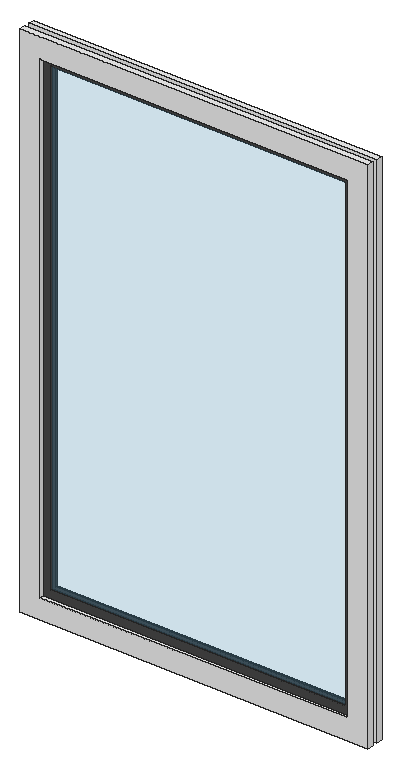
Revit family "Window_System_Solutions-NanaWall-SL-48_Fixed_Window", category Windows, host Wall, Revit 2013
Parameters (values of type "Fixed Window")
  Width = 36"
  Warranty URL = "http://www.nanawall.com/support/warranty"
  URL = "http://www.nanawall.com"
  Subcategory = "Window"  # constant formula
  Sash = Metal - NanaWall - Aluminum
  Rough Width = Width - 1 25/64"  # 34 39/64"
  Rough Height = Height - 1 25/64"  # 52 39/64"
  Product Page URL = "http://www.nanawall.com/products/sl45/matching-windows"
  Product Documentation Link = "http://www.nanawall.com/cad/configuration/details?id=20&name=SL48&typ=match&cid=453&key=Fixed%20Window"
  NanaWall Configurator = "http://www.nanawall.com/content/select-wizard"
  Model = "SL-48 Fixed Window"  # constant formula
  Material = ""
  Manufacturer Toll Free Phone = "(888) 411-NANA(6262)"  # constant formula
  Manufacturer Phone = "(415) 383-3148"  # constant formula
  Manufacturer Fax = "(415) 383-0312"  # constant formula
  Manufacturer Email = "mailto:info@nanawall.com"
  Manufacturer Address = "100 Meadowcreek Drive #250, Corte Madera, CA 94925"  # constant formula
  Manufacturer = "NanaWall Systems, Inc."  # constant formula
  Installation and Service URL = "http://www.nanawall.com/support/installer"
  Horizontal = no
  Height = 54"
  Glazing Options = "http://www.nanawall.com/products/sl48/glazing"
  Glass Material = Glass - NanaWall - Generic
  Filler = Rubber - NanaWall - Black
  Exterior Wall Offset = 2.37804"
  Disclaimer = "Please note that the Revit model is for schematic purposes only.  To obtain a detailed 3D model, please go to the NanaWall's configurator at www.nanawall.com."  # constant formula
  Description = "Monumental Aluminum Framed Matching Windows and Doors"  # constant formula
  Wall Closure = By host
  Default Sill Height = 30"
  Assembly Code = ""
  95 CSI = "8411"  # constant formula
  04 CSI = "08 52 00"  # constant formula
Reference planes (in)
  plane 1 "Center (Front/Back)": y = 0
  plane 2: z = 0
  plane 3 "Center (Left/Right)": x = 0
  plane 4 "Left": x = -18
  plane 5 "Right": x = 18
  plane 6 "Sill": z = 30
  plane 7 "Top": z = 84
  plane 8: y = 1.74696
  plane 9: y = 2.62196
  plane 10: x = -16.38889
  plane 11: x = 16.38889
Forms (in)
  Sweep 1, solid, material "Metal - NanaWall - Aluminum" <- "Sash"
    path origin (18, 2.62196, 48) x (1, 0, 0) y (0, 0, 1)
      loop
        line (-36, 36) -> (-36, -18) -> (0, -18) -> (0, 36) -> (-36, 36)
    profile "Frame : Frame" origin (0, 2.62196, 84) x (0, 0, 1) y (0, -1, 0)
      loop
        line (0, -0.875) -> (0, -0.25278) -> (-0.37722, -0.25278) -> (-0.37722, 0.25278) -> (0, 0.25278) -> (0, 0.875) -> (-2.06111, 0.875) -> (-2.06111, 0.48611) -> (-1.36111, 0.48611) -> (-1.36111, -0.68056) -> (-2.06111, -0.68056) -> (-2.06111, -0.875) -> (0, -0.875)
  Extrusion 2, void
    sketch origin (0, 0, 0) x (1, 0, 0) y (0, 0, 1)
      loop
        line (-18, 84) -> (-18, 30) -> (18, 30) -> (18, 84) -> (-18, 84)
    from -5 to 5
  Sweep 3, solid, material "Rubber - NanaWall - Black" <- "Filler"
    path origin (18, 2.62196, 48) x (1, 0, 0) y (0, 0, 1)
      loop
        line (-36, 36) -> (-36, -18) -> (0, -18) -> (0, 36) -> (-36, 36)
    profile origin (0, 2.62196, 84) x (0, 0, 1) y (0, -1, 0)
      loop
        line (-1.36111, -0.50347) -> (-1.36111, 0.30903) -> (-2.73611, 0.30903) -> (-2.73611, 0.15278) -> (-1.61111, 0.15278) -> (-1.61111, -0.34722) -> (-2.73611, -0.34722) -> (-2.73611, -0.50347) -> (-1.36111, -0.50347)
  Extrusion 4, solid, material "Glass - NanaWall - Generic" <- "Glass Material"
    sketch origin (-18, 0, 0) x (0, -1, 0) y (0, 0, 1)
      loop
        line (-2.96919, 82.38889) -> (-2.96919, 31.61111) -> (-2.46919, 31.61111) -> (-2.46919, 82.38889) -> (-2.96919, 82.38889)
    from -34.38889 to -1.61111
Lines and regions (in)
  Masking region 1
    outline origin (0, 0, 0) x (1, 0, 0) y (0, 1, 0)
      loop
        line (-18, 1.74696) -> (18, 1.74696) -> (18, 2.36919) -> (17.62278, 2.36919) -> (17.62278, 2.87474) -> (18, 2.87474) -> (18, 3.49696) -> (-18, 3.49696) -> (-18, 2.87474) -> (-17.62278, 2.87474) -> (-17.62278, 2.36919) -> (-18, 2.36919) -> (-18, 1.74696)
  Masking region 2
    outline origin (0, 0, 0) x (1, 0, 0) y (0, 1, 0)
      loop
        line (-16.63889, 3.12544) -> (-16.63889, 2.30704) -> (16.63889, 2.30704) -> (16.63889, 3.12544) -> (-16.63889, 3.12544)
  Masking region 3, detail levels medium+fine
    outline origin (0, 0, 0) x (1, 0, 0) y (0, 1, 0)
      loop
        line (-16.38889, 2.96919) -> (-16.38889, 2.46919) -> (16.38889, 2.46919) -> (16.38889, 2.96919) -> (-16.38889, 2.96919)
  symbolic lines, detail levels coarse+medium
    curve 1: line (-16.63889, 1.74696, 0) -> (-16.63889, 3.49696, 0)
    curve 2: line (16.63889, 1.74696, 0) -> (16.63889, 3.49696, 0)
Text (in)
  text "EXTERIOR" at (-58.6888, 50.90694, 0), in view "Ref. Level"
  text "INTERIOR" at (-58.6888, -37.76638, 0), in view "Ref. Level"
  text "Exterior" at (0, 43.65631, 123.19604), in view "Left"
  text "Exterior" at (0, 18.29385, 125.04747), in view "Right"
Dimensions and locks (in)
  equal spacing: plane 4 "Left", plane 3 "Center (Left/Right)", plane 5 "Right"
  "Width": plane 4 "Left" to plane 5 "Right"
  "Height": plane 6 "Sill" to plane 7 "Top"
  "Default Sill Height": plane 2 to plane 6 "Sill"
  locked: plane 8 to plane 9 at 0.875
  Extrusion 4 sketch curve to plane 9 to Extrusion 4 sketch curve = 0.34722" locked, 0.15278" locked
  Masking region 1 sketch curve to Masking region 1 sketch curve to plane 9 to Masking region 1 sketch curve to Masking region 1 sketch curve = 0.62222", 0.25278" locked, 0.25278" locked, 0.62222" locked
  Masking region 1 sketch curve to plane 9 to Masking region 1 sketch curve = 0.25278" locked, 0.25278" locked
  "Exterior Wall Offset": plane 9 to host wall
  locked: Masking region 1 sketch curve to plane 5 "Right" at 0.37722
  locked: plane 4 "Left" to Masking region 1 sketch curve at 0.37722
  Sweep 3 sketch curve to Sweep 3 sketch curve to Sweep 3 sketch curve to Sweep 3 sketch curve to plane 7 "Top" = 0" locked, 1 1/8" locked, 1/4" locked, 1.36111" locked
  Sweep 3 sketch curve to Sweep 3 sketch curve to plane 9 to Sweep 3 sketch curve to Sweep 3 sketch curve = 5/32" locked, 0.34722" locked, 0.15278" locked, 5/32" locked
  locked: plane 6 "Sill" to Extrusion 4 sketch curve at 1.61111
  locked: Extrusion 4 sketch curve to plane 7 "Top" at 1.61111
  locked: plane 11 to Masking region 2 sketch curve at 0.25
  locked: Masking region 2 sketch curve to plane 10 at 0.25
  Masking region 2 sketch curve to plane 9 to Masking region 2 sketch curve = 0.31493" locked, 0.50347" locked
  Masking region 3 sketch curve to plane 9 to Masking region 3 sketch curve = 0.15278" locked, 0.34722" locked
  aligned and locked: level to plane 2
  aligned and locked: plane 7 "Top" to Sweep 1 sketch curve
  aligned and locked: plane 5 "Right" to Sweep 1 sketch curve
  aligned and locked: Sweep 1 sketch curve to plane 4 "Left"
  aligned and locked: Sweep 1 sketch curve to plane 6 "Sill"
  aligned and locked: plane 7 "Top" to Extrusion 2 sketch curve
  aligned and locked: Extrusion 2 sketch curve to plane 4 "Left"
  aligned and locked: Extrusion 2 sketch curve to plane 6 "Sill"
  aligned and locked: plane 5 "Right" to Extrusion 2 sketch curve
  aligned and locked: host wall to Extrusion 2  (x2)
  aligned and locked: plane 7 "Top" to Sweep 3 sketch curve
  aligned and locked: Sweep 3 sketch curve to plane 4 "Left"
  aligned and locked: plane 10 to Extrusion 4
  aligned and locked: plane 11 to Extrusion 4
  aligned and locked: plane 5 "Right" to nested 1
  aligned and locked: plane 9 to nested 1
  aligned and locked: Masking region 1 sketch curve to plane 4 "Left"  (x2)
  aligned and locked: plane 5 "Right" to Masking region 1 sketch curve  (x2)
  aligned and locked: plane 7 "Top" to nested 2
  aligned and locked: plane 9 to nested 2
  aligned and locked: plane 6 "Sill" to nested 3
  aligned and locked: nested 3 to plane 9
  aligned and locked: plane 4 "Left" to nested 4
  aligned and locked: nested 4 to plane 9
  aligned and locked: Masking region 3 sketch curve to Sweep 3  (x2)
  aligned and locked: Sweep 3 sketch curve to plane 5 "Right"
  aligned and locked: plane 6 "Sill" to Sweep 3 sketch curve
Automatic sketch dimensions
  plane 8 to curve 1 = 0"
  plane 8 to curve 2 = 0"
  plane 10 to curve 1 = 1/4"
  plane 11 to curve 2 = 1/4"
  curve 2 to plane 9 = 7/8"
  curve 1 to plane 9 = 7/8"
Nested families (in)
  nested 1: "SL 48 Fixed Detail" at (18, 2.62196, 0) x (0, -1, 0) z (0, 0, 1), type "SL 48 Fixed Detail", detail levels fine
  nested 2: "SL 48 Fixed Detail" at (-18, 2.62196, 84) x (0, -1, 0) z (-1, 0, 0), type "SL 48 Fixed Detail", detail levels fine
  nested 3: "SL 48 Fixed Detail" at (-18, 2.62196, 30) x (0, -1, 0) z (-1, 0, 0), type "SL 48 Fixed Detail", detail levels fine
  nested 4: "SL 48 Fixed Detail" at (-18, 2.62196, 0) x (0, -1, 0) z (0, 0, 1), type "SL 48 Fixed Detail", detail levels fine
Definition of nested family "SL 48 Fixed Detail"
  Reference planes (in)
    plane 1 "Center (Front/Back)": y = 0
    plane 2: z = 0
    plane 3 "Center (Left/Right)": x = 0
  Lines and regions (in)
    detail lines, in view "Ref. Level"
      curve 1: line (-0.875, -2.06111, 0) -> (-0.875, 0, 0)
      curve 2: line (-0.875, 0, 0) -> (-0.69619, 0, 0)
      curve 3: line (-0.69619, 0, 0) -> (-0.68056, -0.05833, 0)
      curve 4: line (-0.68056, -0.05833, 0) -> (-0.805, -0.05833, 0)
      curve 5: line (-0.805, -0.05833, 0) -> (-0.805, -0.19056, 0)
      curve 6: line (-0.31111, -0.19056, 0) -> (-0.805, -0.19056, 0)
      curve 7: line (-0.31111, -0.05833, 0) -> (-0.31111, -0.19056, 0)
      curve 8: line (-0.38889, -0.05833, 0) -> (-0.31111, -0.05833, 0)
      curve 9: line (-0.37326, 0, 0) -> (-0.38889, -0.05833, 0)
      curve 10: line (-0.25278, 0, 0) -> (-0.37326, 0, 0)
      curve 11: line (-0.25278, 0, 0) -> (-0.25278, -0.37722, 0)
      curve 12: line (0.25278, -0.37722, 0) -> (-0.25278, -0.37722, 0)
      curve 13: line (0.25278, 0, 0) -> (0.25278, -0.37722, 0)
      curve 14: line (0.25278, 0, 0) -> (0.37326, 0, 0)
      curve 15: line (0.37326, 0, 0) -> (0.38889, -0.05833, 0)
      curve 16: line (0.38889, -0.05833, 0) -> (0.31111, -0.05833, 0)
      curve 17: line (0.31111, -0.05833, 0) -> (0.31111, -0.19056, 0)
      curve 18: line (0.31111, -0.19056, 0) -> (0.805, -0.19056, 0)
      curve 19: line (0.805, -0.05833, 0) -> (0.805, -0.19056, 0)
      curve 20: line (0.68056, -0.05833, 0) -> (0.805, -0.05833, 0)
      curve 21: line (0.69619, 0, 0) -> (0.68056, -0.05833, 0)
      curve 22: line (0.875, 0, 0) -> (0.69619, 0, 0)
      curve 23: line (0.875, -2.06111, 0) -> (0.875, 0, 0)
      curve 24: line (0.48611, -2.06111, 0) -> (0.875, -2.06111, 0)
      curve 25: line (0.48611, -2.06111, 0) -> (0.48611, -1.96389, 0)
      curve 26: line (0.525, -2.00278, 0) -> (0.525, -1.96389, 0)
      curve 27: line (0.48611, -1.96389, 0) -> (0.525, -1.96389, 0)
      curve 28: line (0.60278, -2.00278, 0) -> (0.525, -2.00278, 0)
      curve 29: line (0.60278, -1.76944, 0) -> (0.60278, -2.00278, 0)
      curve 30: line (0.525, -1.76944, 0) -> (0.60278, -1.76944, 0)
      curve 31: line (0.525, -1.80833, 0) -> (0.525, -1.76944, 0)
      curve 32: line (0.64167, -1.73056, 0) -> (0.48611, -1.73056, 0)
      curve 33: line (0.64167, -1.995, 0) -> (0.64167, -1.73056, 0)
      curve 34: line (0.79722, -1.995, 0) -> (0.64167, -1.995, 0)
      curve 35: line (0.79722, -1.45056, 0) -> (0.79722, -1.995, 0)
      curve 36: line (0.7, -1.45056, 0) -> (0.79722, -1.45056, 0)
      curve 37: arc (0.62268, -1.31614, 0) -> (0.62247, -1.40571, 0) -> (0.7, -1.45056, 0) r 0.08944
      curve 38: line (0.25278, -1.2486, 0) -> (0.62268, -1.31614, 0)
      curve 39: line (0.31493, -1.36111, 0) -> (0.33056, -1.30278, 0)
      curve 40: line (0.33056, -1.30278, 0) -> (0.25278, -1.30278, 0)
      curve 41: line (0.03896, -1.36111, 0) -> (0.31493, -1.36111, 0)
      curve 42: line (0.02333, -1.30278, 0) -> (0.03896, -1.36111, 0)
      curve 43: line (0.11667, -1.30278, 0) -> (0.02333, -1.30278, 0)
      curve 44: line (-0.01944, -1.16667, 0) -> (0.11667, -1.30278, 0)
      curve 45: line (-0.38889, -1.16667, 0) -> (-0.01944, -1.16667, 0)
      curve 46: line (-0.38889, -1.30278, 0) -> (-0.38889, -1.16667, 0)
      curve 47: line (-0.33056, -1.30278, 0) -> (-0.38889, -1.30278, 0)
      curve 48: line (-0.34619, -1.36111, 0) -> (-0.33056, -1.30278, 0)
      curve 49: line (-0.42335, -1.36111, 0) -> (-0.34619, -1.36111, 0)
      curve 50: line (-0.44722, -1.16667, 0) -> (-0.42335, -1.36111, 0)
      curve 51: line (-0.79722, -1.16667, 0) -> (-0.44722, -1.16667, 0)
      curve 52: line (-0.79722, -1.28333, 0) -> (-0.79722, -1.16667, 0)
      curve 53: line (-0.7, -1.30278, 0) -> (-0.79722, -1.28333, 0)
      curve 54: line (-0.58333, -1.30278, 0) -> (-0.7, -1.30278, 0)
      curve 55: line (-0.58333, -1.30278, 0) -> (-0.58333, -1.36111, 0)
      curve 56: line (-0.58333, -1.36111, 0) -> (-0.79722, -1.36111, 0)
      curve 57: line (-0.79722, -1.36111, 0) -> (-0.79722, -1.70333, 0)
      curve 58: line (-0.79722, -1.70333, 0) -> (-0.71167, -1.70333, 0)
      curve 59: line (-0.71167, -1.70333, 0) -> (-0.71167, -1.62556, 0)
      curve 60: line (-0.71167, -1.62556, 0) -> (-0.68056, -1.62556, 0)
      curve 61: line (-0.68056, -1.62556, 0) -> (-0.68056, -1.80833, 0)
      curve 62: line (-0.68056, -1.80833, 0) -> (-0.71944, -1.80833, 0)
      curve 63: line (-0.71944, -1.80833, 0) -> (-0.71944, -1.76167, 0)
      curve 64: line (-0.71944, -1.76167, 0) -> (-0.79722, -1.76167, 0)
      curve 65: line (-0.79722, -1.76167, 0) -> (-0.79722, -2.01056, 0)
      curve 66: line (-0.79722, -2.01056, 0) -> (-0.71944, -2.01056, 0)
      curve 67: line (-0.71944, -2.01056, 0) -> (-0.71944, -1.96389, 0)
      curve 68: line (-0.71944, -1.96389, 0) -> (-0.68056, -1.96389, 0)
      curve 69: line (-0.68056, -1.96389, 0) -> (-0.68056, -2.06111, 0)
      curve 70: line (-0.68056, -2.06111, 0) -> (-0.875, -2.06111, 0)
      curve 71: line (-0.79722, -1.10056, 0) -> (-0.79722, -0.44333, 0)
      curve 72: line (0.00794, -1.10056, 0) -> (-0.79722, -1.10056, 0)
      curve 73: line (0.18667, -1.27928, 0) -> (0.00794, -1.10056, 0)
      curve 74: line (0.18667, -1.17833, 0) -> (0.18667, -1.27928, 0)
      curve 75: line (0.26444, -1.10056, 0) -> (0.79722, -1.10056, 0)
      curve 76: line (0.79722, -1.10056, 0) -> (0.79722, -0.44333, 0)
      curve 77: line (0.79722, -0.44333, 0) -> (0.71944, -0.44333, 0)
      curve 78: line (0.75833, -0.385, 0) -> (0.805, -0.385, 0)
      curve 79: line (0.805, -0.385, 0) -> (0.805, -0.25667, 0)
      curve 80: line (0.805, -0.25667, 0) -> (0.31889, -0.25667, 0)
      curve 81: line (0.31889, -0.25667, 0) -> (0.31889, -0.44333, 0)
      curve 82: line (-0.31889, -0.44333, 0) -> (0.31889, -0.44333, 0)
      curve 83: line (-0.31889, -0.25667, 0) -> (-0.31889, -0.44333, 0)
      curve 84: line (-0.805, -0.25667, 0) -> (-0.31889, -0.25667, 0)
      curve 85: line (-0.805, -0.385, 0) -> (-0.805, -0.25667, 0)
      curve 86: line (-0.75833, -0.385, 0) -> (-0.805, -0.385, 0)
      curve 87: line (-0.79722, -0.44333, 0) -> (-0.71944, -0.44333, 0)
      curve 88: arc (0.26444, -1.10056, 0) -> (0.20945, -1.12334, 0) -> (0.18667, -1.17833, 0) r 0.07778
      curve 89: line (0.79722, -1.29267, 0) -> (0.38209, -1.21687, 0)
      curve 90: line (0.79722, -1.16667, 0) -> (0.79722, -1.29267, 0)
      curve 91: line (0.38209, -1.16667, 0) -> (0.79722, -1.16667, 0)
      curve 92: line (0.25278, -1.30278, 0) -> (0.25278, -1.2486, 0)
      curve 93: line (-0.71944, -0.44333, 0) -> (-0.75833, -0.385, 0)
      curve 94: line (0.71944, -0.44333, 0) -> (0.75833, -0.385, 0)
      curve 95: line (0.38209, -1.21687, 0) -> (0.38209, -1.16667, 0)
      curve 96: line (0.525, -1.80833, 0) -> (0.48611, -1.80833, 0)
      curve 97: line (0.48611, -1.80833, 0) -> (0.48611, -1.73056, 0)
